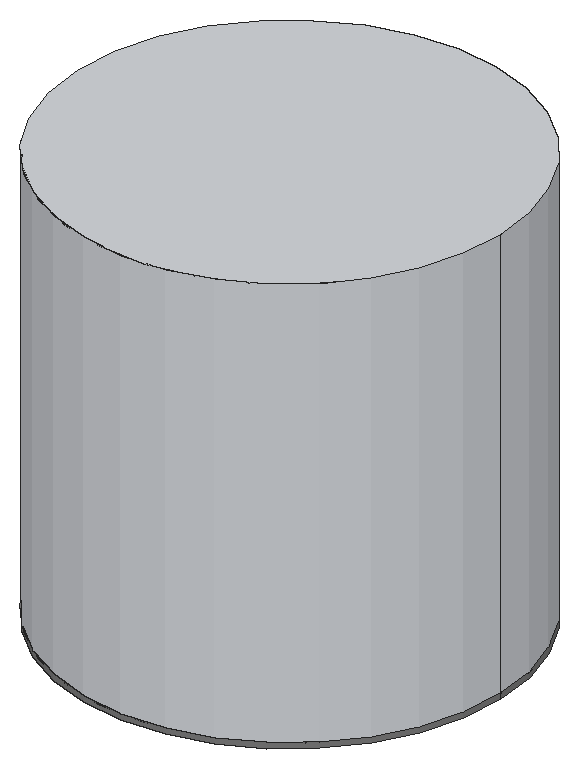
Revit family "Recessed Downlight Face Based", category Lighting Fixtures, Revit 2019
Family settings
  Round Connector Dimension = Use Diameter
  Part Type = Normal
  OmniClass Number = 23.80.70.00
  OmniClass Title = Lighting
  Work Plane-Based = Yes
  Always vertical = No
  Cut with Voids When Loaded = No
  Light Source = Yes
  Shared = No
  Room Calculation Point = No
Parameters (values of type "D2.2 Panos Infinity 16W Gib")
  Wattage Comments = "19.4"
  Wattage = 13.0603 W
  built-in parameter 1150110 = 1 (stored number, unit not read)
  URL = ""
  Type Comments = "D2.2"
  built-in parameter 1114217 = 0.8 (stored number, unit not read)
  Tilt Angle = 90.00°
  built-in parameter 1150109 = 1 (stored number, unit not read)
  built-in parameter 1150134 = 12
  built-in parameter 1150113 = 1 (stored number, unit not read)
  Photometric Web File = "DOT9738C-30-A930.IES"
  PRL_LTGSchedule_Output = "16W LED\r\n1940 lm"
  PRL_LTGSchedule_Manufacturer = "Zumtobel"
  PRL_LTGSchedule_Lifetime = "5 years"
  PRL_LTGSchedule_Installation = "Recessed in Plaster/Gib Ceiling"
  PRL_LTGSchedule_Description = "Recessed 100mm deep down-light with white trim, CRI = 90+ LEDs, smooth optic, IP54 transparent attachment."
  PRL_LTGSchedule_Control = "Fixed output ECG"
  PRL_LTGSchedule_Classification = ""
  PRL_LTGSchedule_CatNo = "Panos Infinity\r\nE200 LG LED"
  PRL_LTGSchedule_CCT = "4000K\r\nCRI=90+"
  PRL_LTGSchedule_Accessories = ""
  PRL_AppearsInSchedule = yes
  built-in parameter 1150142 = "IESNA:LM-63-2002\r\n[TEST] Test report No. LL17053\r\n[TESTLAB] LightLab International \r\n[ISSUEDATE] Monday, 21 October 2013 1:37:49 PM\r\n[MANUFAC] Nimbus Lighting Group Ltd.,\r\n[MORE] Auckland. 1061. New Zealand.\r\n[LUMCAT] DOT9738C/30/A930.\r\n[LUMINAIRE] Nimbus Lighting LED Downlight. \r\n[MORE] Aluminium radially finned heat sink, 137 mm dia. x 80 mm deep, black finish.\r\n[MORE] White fascia with twist-lock ceiling plate, connected to heat sink by two black plastic arms.\r\n[MORE] One “CREE CXA” LED 92 mm above L/O of 120 mm. Wide-beam multi-faceted textured reflector.\r\n[MORE] One Remote Tridonic LCI 20W 350mA TEC SR LED driver 220-240 V 50/60 Hz.\r\n[MORE] Tested at 240 V / 50 Hz.\r\n[OTHER] Absolute test - lamp lumens value set to -1\r\n[MORE] NA conventions used for C0 plane alignment and C-plane rotation direction.\r\n[MORE] The sample was tested at a distance of 8m.\r\n[MORE] This IES file created by LightLab/LSA Report program version 3.803a.\r\nTILT=NONE\r\n1 -1 1 91 1 1 2 -0.12 -0.12 0\r\n1 1 13.583\r\n0 1 2 3 4 5 6 7 8 9 10 11 12 13 14 15 16 17 18 19 20 21 22 23 24 25 26 27 28 29 30 31 32 33 34 35 36 37 38 39 40 41 42 43 44 45 46 47 48 49 50 51 52 53 54 55 56 57 58 59 60 61 62 63 64 65 66 67 68 69 70 71 72 73 74 75 76 77 78 79 80 81 82 83 84 85 86 87 \r\n88 89 90\r\n0\r\n739.50 738.70 736.06 731.60 726.24 719.96 712.76 705.71 699.03 692.71 687.07 682.46 678.74 676.13 674.46 673.15 672.47 672.03 671.54 670.36 669.31 669.87 671.53 673.94 676.34 678.93 681.58 683.95 684.60 677.56 652.42 610.91 567.60 514.93 469.64 420.97 \r\n374.03 339.48 321.17 313.96 305.73 288.72 272.91 260.34 246.91 233.20 218.55 202.73 186.27 170.43 153.95 139.68 122.85 107.42 90.21 71.68 55.81 41.44 31.18 24.13 18.46 15.01 12.45 10.72 9.31 8.30 7.42 6.85 6.22 5.81 5.44 5.18 4.89 4.70 4.51 4.26 3.99 3.99\r\n 3.85 3.74 3.74 3.58 3.57 3.44 3.22 3.03 2.67 2.47 1.93 0.66 0.00\r\n"
  Manufacturer = ""
  Lumens = 1940 lm
  built-in parameter 1150115 = 1 (stored number, unit not read)
  built-in parameter 1150105 = 154.38 (stored number, unit not read)
  built-in parameter 1150137 = (empty or 0)
  built-in parameter 1150139 = (empty or 0)
  built-in parameter 1150112 = 1 (stored number, unit not read)
  built-in parameter 1150114 = 1 (stored number, unit not read)
  Lamp = "1"
  built-in parameter 1150132 = 2
  built-in parameter 1150102 = (empty or 0)
  built-in parameter 1150138 = (empty or 0)
  built-in parameter 1150107 = 4000 (stored number, unit not read)
  built-in parameter 1150106 = 1.5438 (stored number, unit not read)
  Family Revision = 4
  Emit from Circle Diameter = 155 mm
  Emit Shape Visible in Rendering = no
  built-in parameter 1150104 = 13.8 (stored number, unit not read)
  Dimming Lamp Color Temperature Shift = <None>
  Diameter = 155 mm
  Description = ""
  Depth = 146 mm
  Default Elevation = 0 mm
  Color Filter = 16777215
  built-in parameter 1114218 = 1 (stored number, unit not read)
  built-in parameter 1150133 = 10 (stored number, unit not read)
  Arm length = Diameter * 2  # 310 mm
  Apparent Load = 13.8 VA
Reference planes
  plane 1 "Light Source Axis (F/B)": y = 0
  plane 2: z = 0
  plane 3 "Light Source Axis (L/R)": x = 0
  plane 4 "Light Source Elevation": z = -7
Forms (mm)
  Extrusion 1, solid, material "Default Light Source Text2"
    sketch origin (0, 0, 0) x (1, 0, 0) y (0, 1, 0)
      loop
        circle (0, 0) r 77.5
    from -7 to -5
  Extrusion 2, solid
    sketch origin (0, 0, 0) x (1, 0, 0) y (0, 1, 0)
      loop
        circle (0, 0) r 77.5
    from -5 to 146 <- "Depth"
Dimensions and locks
  "Diameter": diameter of Extrusion 2 sketch curve
  "Diameter": diameter of Extrusion 1 sketch curve
  aligned and locked: plane 4 "Light Source Elevation" to imposter light
  aligned and locked: level to plane 2
  aligned and locked: imposter light to Extrusion 1
Automatic sketch dimensions
  plane 1 "Light Source Axis (F/B)" to Extrusion 1 sketch curve = 0 mm
  Extrusion 1 sketch curve to plane 3 "Light Source Axis (L/R)" = 0 mm
  plane 1 "Light Source Axis (F/B)" to Extrusion 2 sketch curve = 0 mm
  Extrusion 2 sketch curve to plane 3 "Light Source Axis (L/R)" = 0 mm
Connectors
  electrical at (0, 0, -5), driven by "Apparent Load"
    settings: on Extrusion 1, index 1, voltage 230 V, apparent load 0 VA, apparent load phase1 13.8 VA, apparent load phase2 0 VA, apparent load phase3 0 VA, power factor 1, load classification "Lighting", number of poles 1, system type 31, power factor state 1, is connector primary yes, connector utility no, sub classification motor no, connector description ""
Types (12, lengths in mm): name | Wattage | Type Comments | built-in parameter 1114217 | Photometric Web File | PRL_LTGSchedule_Output | PRL_LTGSchedule_Manufacturer | PRL_LTGSchedule_Lifetime | PRL_LTGSchedule_Installation | PRL_LTGSchedule_Description | PRL_LTGSchedule_Control | PRL_LTGSchedule_CatNo | PRL_LTGSchedule_CCT | PRL_LTGSchedule_Accessories | built-in parameter 1150142 | Manufacturer | Lumens | built-in parameter 1150105 | built-in parameter 1150106 | Description
  D3.1 Panos Infinity 32W T-Rail | 17.6516 W | "D3.1" | 0.8 (stored number, unit not read) | "DOT9738C-30-A930.IES" | "" | "" | "" | "" | "" | "" | "" | "" | "" | "IESNA:LM-63-2002\r\n[TEST] Test report No. LL17053\r\n[TESTLAB] LightLab International \r\n[ISSUEDATE] Monday, 21 October 2013 1:37:49 PM\r\n[MANUFAC] Nimbus Lighting Group Ltd.,\r\n[MORE] Auckland. 1061. New Zealand.\r\n[LUMCAT] DOT9738C/30/A930.\r\n[LUMINAIRE] Nimbus Lighting LED Downlight. \r\n[MORE] Aluminium radially finned heat sink, 137 mm dia. x 80 mm deep, black finish.\r\n[MORE] White fascia with twist-lock ceiling plate, connected to heat sink by two black plastic arms.\r\n[MORE] One “CREE CXA” LED 92 mm above L/O of 120 mm. Wide-beam multi-faceted textured reflector.\r\n[MORE] One Remote Tridonic LCI 20W 350mA TEC SR LED driver 220-240 V 50/60 Hz.\r\n[MORE] Tested at 240 V / 50 Hz.\r\n[OTHER] Absolute test - lamp lumens value set to -1\r\n[MORE] NA conventions used for C0 plane alignment and C-plane rotation direction.\r\n[MORE] The sample was tested at a distance of 8m.\r\n[MORE] This IES file created by LightLab/LSA Report program version 3.803a.\r\nTILT=NONE\r\n1 -1 1 91 1 1 2 -0.12 -0.12 0\r\n1 1 13.583\r\n0 1 2 3 4 5 6 7 8 9 10 11 12 13 14 15 16 17 18 19 20 21 22 23 24 25 26 27 28 29 30 31 32 33 34 35 36 37 38 39 40 41 42 43 44 45 46 47 48 49 50 51 52 53 54 55 56 57 58 59 60 61 62 63 64 65 66 67 68 69 70 71 72 73 74 75 76 77 78 79 80 81 82 83 84 85 86 87 \r\n88 89 90\r\n0\r\n739.50 738.70 736.06 731.60 726.24 719.96 712.76 705.71 699.03 692.71 687.07 682.46 678.74 676.13 674.46 673.15 672.47 672.03 671.54 670.36 669.31 669.87 671.53 673.94 676.34 678.93 681.58 683.95 684.60 677.56 652.42 610.91 567.60 514.93 469.64 420.97 \r\n374.03 339.48 321.17 313.96 305.73 288.72 272.91 260.34 246.91 233.20 218.55 202.73 186.27 170.43 153.95 139.68 122.85 107.42 90.21 71.68 55.81 41.44 31.18 24.13 18.46 15.01 12.45 10.72 9.31 8.30 7.42 6.85 6.22 5.81 5.44 5.18 4.89 4.70 4.51 4.26 3.99 3.99\r\n 3.85 3.74 3.74 3.58 3.57 3.44 3.22 3.03 2.67 2.47 1.93 0.66 0.00\r\n" | "C" | 2622 lm | 208.65 (stored number, unit not read) | 2.0865 (stored number, unit not read) | "C"
  D52.10 ELS ADL110 XTM 16.5W Vaneered Paneling 3000K | 8.65749 W | "D52.10" | 0.95 (stored number, unit not read) | "DOT9738C-30-A930.IES" | "" | "" | "" | "" | "" | "" | "" | "" | "" | "IESNA:LM-63-2002\r\n[TEST] Test report No. LL17053\r\n[TESTLAB] LightLab International \r\n[ISSUEDATE] Monday, 21 October 2013 1:37:49 PM\r\n[MANUFAC] Nimbus Lighting Group Ltd.,\r\n[MORE] Auckland. 1061. New Zealand.\r\n[LUMCAT] DOT9738C/30/A930.\r\n[LUMINAIRE] Nimbus Lighting LED Downlight. \r\n[MORE] Aluminium radially finned heat sink, 137 mm dia. x 80 mm deep, black finish.\r\n[MORE] White fascia with twist-lock ceiling plate, connected to heat sink by two black plastic arms.\r\n[MORE] One “CREE CXA” LED 92 mm above L/O of 120 mm. Wide-beam multi-faceted textured reflector.\r\n[MORE] One Remote Tridonic LCI 20W 350mA TEC SR LED driver 220-240 V 50/60 Hz.\r\n[MORE] Tested at 240 V / 50 Hz.\r\n[OTHER] Absolute test - lamp lumens value set to -1\r\n[MORE] NA conventions used for C0 plane alignment and C-plane rotation direction.\r\n[MORE] The sample was tested at a distance of 8m.\r\n[MORE] This IES file created by LightLab/LSA Report program version 3.803a.\r\nTILT=NONE\r\n1 -1 1 91 1 1 2 -0.12 -0.12 0\r\n1 1 13.583\r\n0 1 2 3 4 5 6 7 8 9 10 11 12 13 14 15 16 17 18 19 20 21 22 23 24 25 26 27 28 29 30 31 32 33 34 35 36 37 38 39 40 41 42 43 44 45 46 47 48 49 50 51 52 53 54 55 56 57 58 59 60 61 62 63 64 65 66 67 68 69 70 71 72 73 74 75 76 77 78 79 80 81 82 83 84 85 86 87 \r\n88 89 90\r\n0\r\n739.50 738.70 736.06 731.60 726.24 719.96 712.76 705.71 699.03 692.71 687.07 682.46 678.74 676.13 674.46 673.15 672.47 672.03 671.54 670.36 669.31 669.87 671.53 673.94 676.34 678.93 681.58 683.95 684.60 677.56 652.42 610.91 567.60 514.93 469.64 420.97 \r\n374.03 339.48 321.17 313.96 305.73 288.72 272.91 260.34 246.91 233.20 218.55 202.73 186.27 170.43 153.95 139.68 122.85 107.42 90.21 71.68 55.81 41.44 31.18 24.13 18.46 15.01 12.45 10.72 9.31 8.30 7.42 6.85 6.22 5.81 5.44 5.18 4.89 4.70 4.51 4.26 3.99 3.99\r\n 3.85 3.74 3.74 3.58 3.57 3.44 3.22 3.03 2.67 2.47 1.93 0.66 0.00\r\n" | "" | 1286 lm | 102.34 (stored number, unit not read) | 1.0234 (stored number, unit not read) | ""
  D51.10 ELS ADL110 XTM 16.5W Vaneered Paneling 4000K | 8.65749 W | "D51.10" | 0.95 (stored number, unit not read) | "DOT9738C-30-A930.IES" | "" | "" | "" | "" | "" | "" | "" | "" | "" | "IESNA:LM-63-2002\r\n[TEST] Test report No. LL17053\r\n[TESTLAB] LightLab International \r\n[ISSUEDATE] Monday, 21 October 2013 1:37:49 PM\r\n[MANUFAC] Nimbus Lighting Group Ltd.,\r\n[MORE] Auckland. 1061. New Zealand.\r\n[LUMCAT] DOT9738C/30/A930.\r\n[LUMINAIRE] Nimbus Lighting LED Downlight. \r\n[MORE] Aluminium radially finned heat sink, 137 mm dia. x 80 mm deep, black finish.\r\n[MORE] White fascia with twist-lock ceiling plate, connected to heat sink by two black plastic arms.\r\n[MORE] One “CREE CXA” LED 92 mm above L/O of 120 mm. Wide-beam multi-faceted textured reflector.\r\n[MORE] One Remote Tridonic LCI 20W 350mA TEC SR LED driver 220-240 V 50/60 Hz.\r\n[MORE] Tested at 240 V / 50 Hz.\r\n[OTHER] Absolute test - lamp lumens value set to -1\r\n[MORE] NA conventions used for C0 plane alignment and C-plane rotation direction.\r\n[MORE] The sample was tested at a distance of 8m.\r\n[MORE] This IES file created by LightLab/LSA Report program version 3.803a.\r\nTILT=NONE\r\n1 -1 1 91 1 1 2 -0.12 -0.12 0\r\n1 1 13.583\r\n0 1 2 3 4 5 6 7 8 9 10 11 12 13 14 15 16 17 18 19 20 21 22 23 24 25 26 27 28 29 30 31 32 33 34 35 36 37 38 39 40 41 42 43 44 45 46 47 48 49 50 51 52 53 54 55 56 57 58 59 60 61 62 63 64 65 66 67 68 69 70 71 72 73 74 75 76 77 78 79 80 81 82 83 84 85 86 87 \r\n88 89 90\r\n0\r\n739.50 738.70 736.06 731.60 726.24 719.96 712.76 705.71 699.03 692.71 687.07 682.46 678.74 676.13 674.46 673.15 672.47 672.03 671.54 670.36 669.31 669.87 671.53 673.94 676.34 678.93 681.58 683.95 684.60 677.56 652.42 610.91 567.60 514.93 469.64 420.97 \r\n374.03 339.48 321.17 313.96 305.73 288.72 272.91 260.34 246.91 233.20 218.55 202.73 186.27 170.43 153.95 139.68 122.85 107.42 90.21 71.68 55.81 41.44 31.18 24.13 18.46 15.01 12.45 10.72 9.31 8.30 7.42 6.85 6.22 5.81 5.44 5.18 4.89 4.70 4.51 4.26 3.99 3.99\r\n 3.85 3.74 3.74 3.58 3.57 3.44 3.22 3.03 2.67 2.47 1.93 0.66 0.00\r\n" | "" | 1286 lm | 102.34 (stored number, unit not read) | 1.0234 (stored number, unit not read) | ""
